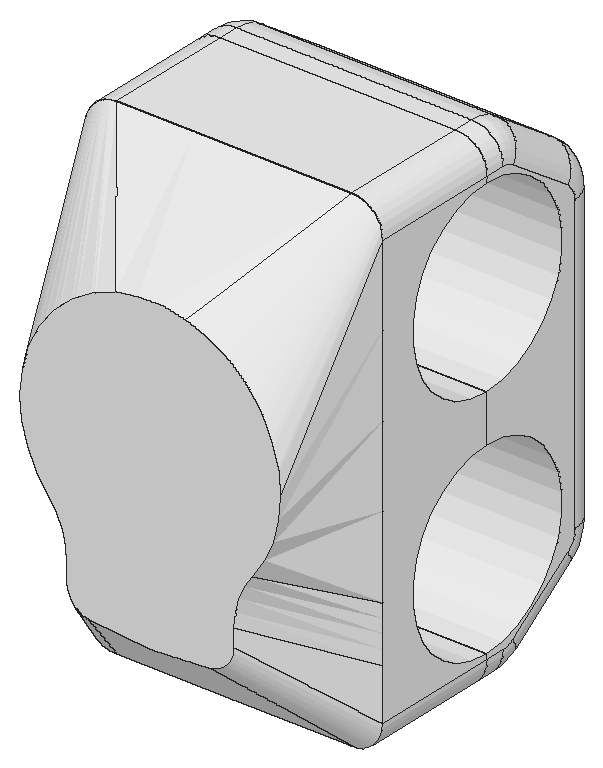
Revit family "PRD_AR_MxrTps_SingleClampingBridge_ACXM1003 2", category Specialty Equipment, Revit 2023
Family settings
  Round Connector Dimension = Use Diameter
  Part Type = Normal
  OmniClass Number = 23.45.55.11
  OmniClass Title = Sanitary Components
  Work Plane-Based = No
  Enable Cutting in Views = No
  Always vertical = Yes
  Cut with Voids When Loaded = No
  Maintain Annotation Orientation = No
  Shared = No
  Room Calculation Point = No
Parameters (values of type "ACXM1003")
  WarrantyStartDate [instance] = "1900-12-31T23:59:59"
  WarrantyGuarantorParts = "n/a"
  WarrantyGuarantorLabor = "n/a"
  WarrantyDurationUnit = "n/a"
  WarrantyDurationParts = "n/a"
  WarrantyDurationLabor = "n/a"
  WarrantyDescription = "n/a"
  Version = "1"
  Uniclass2015Version = "Products v1.38"
  Uniclass2015Title = "Mixer taps"
  Uniclass2015Code = "Pr_40_20_87_55"
  URL = "www.kwc-professional.com"
  Type IFC Predefined Type = "BRACKET"
  TagNumber [instance] = "n/a"
  SustainabilityPerformance = "n/a"
  Status = "New"
  Size = "n/a"
  Shape = "n/a"
  SerialNumber [instance] = "n/a"
  Revision = "n/a"
  ReplacementCost = "n/a"
  Reference = "n/a"
  QuantityUOM = "piece"
  Quantity = "1"
  ProductInformation = "http://pim.kwc.com/product/2030058826/attachment/datasheet?locale=en"
  NominalWidth = 57 mm
  NominalHeight = 95 mm
  NominalDepth = 72 mm
  Name = "Single clamping bridge ACXM1003"
  NBSTypeID = "n/a"
  NBSReference = "45-35-70/345"
  NBSOfficeMasterTag = "n/a"
  NBSNote = "n/a"
  NBSDescription = "Taps and water supply fittings for wash basins and troughs"
  NBSCertification = "n/a"
  ModelReference = "ACXM1003"
  ModelNumber = "2030058826"
  Model = ModelReference  # "ACXM1003"
  Material = "chrome-plated brass"
  ManufacturerURL = "www.kwc-professional.com"
  ManufacturerName = "KWC Group Management AG"  # constant formula
  Manufacturer = ManufacturerName  # "KWC Group Management AG"
  IsInsulated = no
  IsExternal = no
  InstallationDate [instance] = "1900-12-31T23:59:59"
  IfcExportType = "BRACKET"
  IfcExportAs = "IfcDiscreteAccessory"
  Grade = "n/a"
  Finish = "polished"
  Features = "For washbasin mixers with water connections positioned above one another."
  Export Type to IFC As = "IfcDiscreteAccessoryType"
  ExpectedLife = "n/a"
  DurationUnit = "n/a"
  Description = "Single clamping bridge for washbasin mixers with water connections positioned above one another, for installation on distribution lines positioned above one another, diameter 45 mm."
  Default Elevation = 0 mm
  CreatedOn = "11/2025"  # constant formula
  Constituents = "n/a"
  Color = "n/a"
  CodePerformance = "n/a"
  Category = "PR_40_20_87_55, Mixer taps"
  BodyMaterial = PRD_AR_ChromatedBrass_HighPolished
  BarCode [instance] = "n/a"
  BIMObjectName = "PRD_AR_MixerTaps_SingleClampingBridge_ACXM1003"
  Author = "Archispace"  # constant formula
  AssetType = "Fixed"
  AssetIdentifier [instance] = "n/a"
  AccessibilityPerformance = "n/a"
Reference planes
  plane 1 "Center (Front/Back)": y = 0
  plane 2: z = 0
  plane 3 "Center (Left/Right)": x = 0
Dimensions and locks
  aligned and locked: level to plane 2
Nested families
  nested 1: "ACXM1003" at (0, 0, 0), type "ACXM1003"
Definition of nested family "ACXM1003"
  Parameters (values of type "ACXM1003")
    Width = 57 mm
    Height = 95 mm
    BodyMaterial = none
    Default Elevation = 0 mm
  Reference planes
    plane 1 "Center (Front/Back)": y = 0
    plane 2: z = 0
    plane 3 "Center (Left/Right)": x = 0
    plane 4: x = -28.5
    plane 5: x = 28.5
    plane 6: z = -47.5
    plane 7: z = 47.5
    plane 8: y = 27
    plane 9: y = -45
  Forms (mm)
    SweptBlend 1, solid, material <- "BodyMaterial", detail levels medium+fine
      path origin (0, 0, 0) x (0, 1, 0) y (0, 0, 1)
        loop
          line (-25, 0) -> (-45, 0)
      profile origin (0, -25, 0) x (0, 0, -1) y (1, 0, 0)
        loop
          arc (47.5, 22.5) -> (45.743, 26.743) -> (41.5, 28.5) r 6
          line (41.5, 28.5) -> (31.5, 28.5) -> (20.75, 28.5) -> (-41.5, 28.5)
          arc (-41.5, 28.5) -> (-45.743, 26.743) -> (-47.5, 22.5) r 6
          line (-47.5, 22.5) -> (-47.5, -22.5)
          arc (-47.5, -22.5) -> (-45.743, -26.743) -> (-41.5, -28.5) r 6
          line (-41.5, -28.5) -> (20.75, -28.5) -> (31.5, -28.5) -> (41.5, -28.5)
          arc (41.5, -28.5) -> (45.743, -26.743) -> (47.5, -22.5) r 6
          line (47.5, -22.5) -> (47.5, 22.5)
      end profile origin (0, -45, 0) x (0, 0, -1) y (1, 0, 0)
        loop
          arc (29.094, -11.786) -> (30.026, 0) -> (29.094, 11.786) r 75
          arc (29.094, 11.786) -> (27.402, 14.803) -> (24.156, 16) r 5
          line (24.156, 16) -> (20.658, 16)
          arc (20.658, 16) -> (15.357, 16.904) -> (10.655, 19.512) r 16
          arc (10.655, 19.512) -> (3.308, 23.588) -> (-4.974, 25) r 25
          arc (-4.974, 25) -> (-20.099, 19.906) -> (-29.06, 6.698) r 25
          arc (-29.06, 6.698) -> (-29.974, 0) -> (-29.06, -6.698) r 25
          arc (-29.06, -6.698) -> (-20.099, -19.906) -> (-4.974, -25) r 25
          arc (-4.974, -25) -> (3.308, -23.588) -> (10.655, -19.512) r 25
          arc (10.655, -19.512) -> (15.357, -16.904) -> (20.658, -16) r 16
          line (20.658, -16) -> (24.156, -16)
          arc (24.156, -16) -> (27.402, -14.803) -> (29.094, -11.786) r 5
    Extrusion 2, solid, material <- "BodyMaterial", detail levels medium+fine
      sketch origin (0, 0, 0) x (0, 1, 0) y (0, 0, 1)
        loop
          line (-25, 47.5) -> (-25, -47.5) -> (0, -47.5) -> (0, -40.5)
          arc (0, -40.5) -> (-18, -22.5) -> (0, -4.5) r 18
          line (0, -4.5) -> (0, 4.5)
          arc (0, 4.5) -> (-18, 22.5) -> (0, 40.5) r 18
          line (0, 40.5) -> (0, 47.5) -> (-25, 47.5)
      from 28.5 to -28.5
    Extrusion 3, solid, material <- "BodyMaterial", detail levels medium+fine
      sketch origin (0, 0, 0) x (0, 1, 0) y (0, 0, 1)
        loop
          line (0, 47.5) -> (0, 40.5)
          arc (0, 40.5) -> (18, 22.5) -> (0, 4.5) r 18
          line (0, 4.5) -> (0, -4.5)
          arc (0, -4.5) -> (18, -22.5) -> (0, -40.5) r 18
          line (0, -40.5) -> (0, -47.5) -> (3.853, -47.5)
          arc (3.853, -47.5) -> (6.86, -47.037) -> (9.589, -45.692) r 10
          line (9.589, -45.692) -> (22.736, -36.486)
          arc (22.736, -36.486) -> (25.87, -32.912) -> (27, -28.294) r 10
          line (27, -28.294) -> (27, 28.294)
          arc (27, 28.294) -> (25.87, 32.912) -> (22.736, 36.486) r 10
          line (22.736, 36.486) -> (9.589, 45.692)
          arc (9.589, 45.692) -> (6.86, 47.037) -> (3.853, 47.5) r 10
          line (3.853, 47.5) -> (0, 47.5)
      from 28.5 to -28.5
    Sweep 4, void
      path in 3D
        loop
          line (-28.5, -25, 47.5) -> (-28.5, 0, 47.5) -> (-28.5, 3.853, 47.5)
          arc (-28.5, 3.853, 47.5) -> (-28.5, 6.86, 47.037) -> (-28.5, 9.589, 45.692) r 10
          line (-28.5, 9.589, 45.692) -> (-28.5, 22.736, 36.486)
          arc (-28.5, 22.736, 36.486) -> (-28.5, 25.87, 32.912) -> (-28.5, 27, 28.294) r 10
          line (-28.5, 27, 28.294) -> (-28.5, 27, -28.294)
          arc (-28.5, 27, -28.294) -> (-28.5, 25.87, -32.912) -> (-28.5, 22.736, -36.486) r 10
          line (-28.5, 22.736, -36.486) -> (-28.5, 9.589, -45.692)
          arc (-28.5, 9.589, -45.692) -> (-28.5, 6.86, -47.037) -> (-28.5, 3.853, -47.5) r 10
          line (-28.5, 3.853, -47.5) -> (-28.5, 0, -47.5) -> (-28.5, -25, -47.5)
      profile origin (-28.5, -12.5, 47.5) x (-1, 0, 0) y (0, 0, 1)
        loop
          line (0, 0) -> (-6, 0)
          arc (-6, 0) -> (-1.757, -1.757) -> (0, -6) r 6
          line (0, -6) -> (0, 0)
    Sweep 5, void
      path in 3D
        loop
          line (28.5, -25, 47.5) -> (28.5, 0, 47.5) -> (28.5, 3.853, 47.5)
          arc (28.5, 3.853, 47.5) -> (28.5, 6.86, 47.037) -> (28.5, 9.589, 45.692) r 10
          line (28.5, 9.589, 45.692) -> (28.5, 22.736, 36.486)
          arc (28.5, 22.736, 36.486) -> (28.5, 25.87, 32.912) -> (28.5, 27, 28.294) r 10
          line (28.5, 27, 28.294) -> (28.5, 27, -28.294)
          arc (28.5, 27, -28.294) -> (28.5, 25.87, -32.912) -> (28.5, 22.736, -36.486) r 10
          line (28.5, 22.736, -36.486) -> (28.5, 9.589, -45.692)
          arc (28.5, 9.589, -45.692) -> (28.5, 6.86, -47.037) -> (28.5, 3.853, -47.5) r 10
          line (28.5, 3.853, -47.5) -> (28.5, 0, -47.5) -> (28.5, -25, -47.5)
      profile origin (28.5, -12.5, 47.5) x (-1, 0, 0) y (0, 0, 1)
        loop
          line (0, 0) -> (0, -6)
          arc (0, -6) -> (1.757, -1.757) -> (6, 0) r 6
          line (6, 0) -> (0, 0)
    Sweep 6, solid, material <- "BodyMaterial", detail levels medium+fine
      path origin (0, 0, 0) x (0, 1, 0) y (0, 0, 1)
        loop
          line (27, 0) -> (34.5, 0)
      profile origin (0, 30.75, 0) x (0, 0, 1) y (1, 0, 0)
        loop
          line (7.374, 4.257) -> (0, 8.515) -> (-7.374, 4.257) -> (-7.374, -4.257) -> (0, -8.515) -> (7.374, -4.257) -> (7.374, 4.257)
    Sweep 7, solid, material <- "BodyMaterial", detail levels medium+fine
      path origin (0, 0, 0) x (0, 1, 0) y (0, 0, 1)
        loop
          line (-7, 0) -> (-25, 0)
      profile origin (0, -16, 0) x (0, 0, -1) y (1, 0, 0)
        loop
          circle (-22.5, 0) r 12.5
        loop
          circle (22.5, 0) r 12.5
    Extrusion 8, void
      sketch origin (0, 0, 0) x (0, 1, 0) y (0, 0, 1)
        loop
          circle (-0.293, 22.501) r 14.251
        loop
          circle (-0.293, -22.501) r 14.251
      from 14 to -14
    Extrusion 9, solid, material <- "BodyMaterial", detail levels medium+fine
      sketch origin (0, 0, 0) x (1, 0, 0) y (0, 0, 1)
        loop
          circle (0, 22.5) r 6.5
        loop
          circle (0, -22.5) r 6.5
      from 19.239 to 7
    Extrusion 10, solid, material <- "BodyMaterial", detail levels coarse
      sketch origin (0, 0, 0) x (1, 0, 0) y (0, 0, 1)
        loop
          line (-28.5, 47.5) -> (-28.5, -47.5) -> (28.5, -47.5) -> (28.5, 47.5) -> (-28.5, 47.5)
      from 45 to -27
  Cuts and joins
    Sweep 4, Sweep 5 cuts Extrusion 3
    Sweep 4, Sweep 5 cuts Extrusion 2
    Extrusion 8 cuts Sweep 7
    joined: Extrusion 2, Sweep 7, Extrusion 9
  Lines and regions (mm)
    sketch lines
      curve 1: line (-28.5, -25, 47.5) -> (-28.5, 0, 47.5)
      curve 2: line (-28.5, 0, 47.5) -> (-28.5, 3.853, 47.5)
      curve 3: arc (-28.5, 9.589, 45.692) -> (-28.5, 6.86, 47.037) -> (-28.5, 3.853, 47.5) r 10
      curve 4: line (-28.5, 9.589, 45.692) -> (-28.5, 22.736, 36.486)
      curve 5: arc (-28.5, 27, 28.294) -> (-28.5, 25.87, 32.912) -> (-28.5, 22.736, 36.486) r 10
      curve 6: line (-28.5, 27, 28.294) -> (-28.5, 27, -28.294)
      curve 7: arc (-28.5, 22.736, -36.486) -> (-28.5, 25.87, -32.912) -> (-28.5, 27, -28.294) r 10
      curve 8: line (-28.5, 22.736, -36.486) -> (-28.5, 9.589, -45.692)
      curve 9: arc (-28.5, 3.853, -47.5) -> (-28.5, 6.86, -47.037) -> (-28.5, 9.589, -45.692) r 10
      curve 10: line (-28.5, 3.853, -47.5) -> (-28.5, 0, -47.5)
      curve 11: line (-28.5, 0, -47.5) -> (-28.5, -25, -47.5)
      curve 12: line (28.5, -25, 47.5) -> (28.5, 0, 47.5)
      curve 13: line (28.5, 0, 47.5) -> (28.5, 3.853, 47.5)
      curve 14: arc (28.5, 9.589, 45.692) -> (28.5, 6.86, 47.037) -> (28.5, 3.853, 47.5) r 10
      curve 15: line (28.5, 9.589, 45.692) -> (28.5, 22.736, 36.486)
      curve 16: arc (28.5, 27, 28.294) -> (28.5, 25.87, 32.912) -> (28.5, 22.736, 36.486) r 10
      curve 17: line (28.5, 27, 28.294) -> (28.5, 27, -28.294)
      curve 18: arc (28.5, 22.736, -36.486) -> (28.5, 25.87, -32.912) -> (28.5, 27, -28.294) r 10
      curve 19: line (28.5, 22.736, -36.486) -> (28.5, 9.589, -45.692)
      curve 20: arc (28.5, 3.853, -47.5) -> (28.5, 6.86, -47.037) -> (28.5, 9.589, -45.692) r 10
      curve 21: line (28.5, 3.853, -47.5) -> (28.5, 0, -47.5)
      curve 22: line (28.5, 0, -47.5) -> (28.5, -25, -47.5)
    model lines
      curve 23: line (0, -45, 8.474) -> (0, -45, -5.526)
      curve 24: line (-7, -45, 1.474) -> (7, -45, 1.474)
      curve 25: circle (0, -45, 1.474) r 7 normal (0, -1, 0)
      curve 26: circle (0, -45, 19.474) r 7.5 normal (0, -1, 0)
      curve 27: circle (0, -45, -16.526) r 7.5 normal (0, 1, 0)
  Dimensions and locks
    equal spacing: plane 5, plane 3 "Center (Left/Right)", plane 4
    "Width": plane 5 to plane 4
    equal spacing: plane 7, level, plane 6
    "Height": plane 7 to plane 6
    plane 8 to plane 9 = 72 mm
    aligned and locked: level to plane 2
    aligned and locked: plane 9 to SweptBlend 1 sketch curve
    aligned and locked: plane 7 to Extrusion 10 sketch curve
    aligned and locked: plane 4 to Extrusion 10 sketch curve
    aligned and locked: Extrusion 10 sketch curve to plane 6
    aligned and locked: Extrusion 10 sketch curve to plane 5
    aligned and locked: Extrusion 10 to plane 9
    aligned and locked: Extrusion 10 to plane 8
  Automatic sketch dimensions
    Sweep 5 sketch curve to profile plane = 0 mm  (x2)
    Sweep 5 sketch curve to profile plane = 6 mm
    plane 1 "Center (Front/Back)" to Extrusion 8 sketch curve = 0.293 mm  (x2)
    Extrusion 8 sketch curve to level = 22.501 mm
    level to Extrusion 8 sketch curve = 22.501 mm
    Extrusion 9 sketch curve to plane 3 "Center (Left/Right)" = 0 mm  (x2)
    Extrusion 9 sketch curve to level = 22.5 mm
    level to Extrusion 9 sketch curve = 22.5 mm
    SweptBlend 1 sketch curve to level = 0 mm
    plane 9 to SweptBlend 1 sketch curve = 20 mm
    SweptBlend 1 sketch curve to SweptBlend 1 sketch curve = 0 mm  (x21)
    SweptBlend 1 sketch curve to plane 3 "Center (Left/Right)" = 0 mm  (x2)
    profile plane to SweptBlend 1 sketch curve = 44.974 mm
    profile plane to SweptBlend 1 sketch curve = 4.974 mm
    SweptBlend 1 sketch curve to profile plane = 20.658 mm  (x2)
    SweptBlend 1 sketch curve to SweptBlend 1 sketch curve = 3.498 mm  (x2)
    SweptBlend 1 sketch curve to plane 3 "Center (Left/Right)" = 11 mm
    SweptBlend 1 sketch curve to SweptBlend 1 sketch curve = 5 mm  (x2)
    SweptBlend 1 sketch curve to SweptBlend 1 sketch curve = 16 mm  (x2)
    plane 3 "Center (Left/Right)" to SweptBlend 1 sketch curve = 11 mm
    plane 3 "Center (Left/Right)" to SweptBlend 1 sketch curve = 6.698 mm
    SweptBlend 1 sketch curve to SweptBlend 1 sketch curve = 15.914 mm
    SweptBlend 1 sketch curve to plane 3 "Center (Left/Right)" = 6.698 mm
    profile plane to SweptBlend 1 sketch curve = 47.5 mm
    SweptBlend 1 sketch curve to SweptBlend 1 sketch curve = 6 mm  (x3)
    SweptBlend 1 sketch curve to profile plane = 20.75 mm  (x2)
    SweptBlend 1 sketch curve to SweptBlend 1 sketch curve = 10.75 mm  (x2)
    SweptBlend 1 sketch curve to SweptBlend 1 sketch curve = 10 mm  (x2)
    SweptBlend 1 sketch curve to plane 3 "Center (Left/Right)" = 28.5 mm
    plane 3 "Center (Left/Right)" to SweptBlend 1 sketch curve = 22.5 mm
    plane 7 to Extrusion 2 sketch curve = 0 mm
    plane 6 to Extrusion 2 sketch curve = 0 mm
    Extrusion 2 sketch curve to plane 1 "Center (Front/Back)" = 0 mm
    plane 9 to Extrusion 2 sketch curve = 20 mm
    Extrusion 2 sketch curve to plane 6 = 7 mm
    Extrusion 2 sketch curve to Extrusion 2 sketch curve = 18 mm  (x2)
    level to Extrusion 2 sketch curve = 4.5 mm
    Extrusion 3 sketch curve to plane 1 "Center (Front/Back)" = 0 mm
    plane 6 to Extrusion 3 sketch curve = 0 mm
    plane 7 to Extrusion 3 sketch curve = 0 mm
    Extrusion 3 sketch curve to plane 8 = 0 mm
    Extrusion 3 sketch curve to plane 1 "Center (Front/Back)" = 3.853 mm  (x2)
    plane 7 to Extrusion 3 sketch curve = 1.808 mm
    Extrusion 3 sketch curve to Extrusion 3 sketch curve = 5.736 mm  (x2)
    Extrusion 3 sketch curve to plane 6 = 1.808 mm
    Extrusion 3 sketch curve to Extrusion 3 sketch curve = 10 mm  (x2)
    plane 8 to Extrusion 3 sketch curve = 4.264 mm  (x2)
    Extrusion 3 sketch curve to Extrusion 3 sketch curve = 3 mm
    Extrusion 3 sketch curve to plane 6 = 11.014 mm
    Extrusion 3 sketch curve to Extrusion 3 sketch curve = 15 mm  (x2)
    level to Extrusion 3 sketch curve = 4.5 mm
    plane 7 to Extrusion 3 sketch curve = 19.206 mm
    Sweep 4 sketch curve to profile plane = 0 mm  (x2)
    profile plane to Sweep 4 sketch curve = 6 mm
    Sweep 6 sketch curve to level = 0 mm
    Sweep 6 sketch curve to plane 8 = 0 mm
    Sweep 6 sketch curve to Sweep 6 sketch curve = 7.5 mm
    Sweep 6 sketch curve to profile plane = 0 mm  (x2)
    profile plane to Sweep 6 sketch curve = 7.374 mm
    Sweep 6 sketch curve to profile plane = 7.374 mm
    Sweep 6 sketch curve to plane 3 "Center (Left/Right)" = 8.515 mm
    Sweep 6 sketch curve to plane 3 "Center (Left/Right)" = 4.257 mm  (x2)
    plane 3 "Center (Left/Right)" to Sweep 6 sketch curve = 4.257 mm  (x2)
    Sweep 6 sketch curve to Sweep 6 sketch curve = 4.257 mm
    Sweep 7 sketch curve to level = 0 mm
    plane 9 to Sweep 7 sketch curve = 20 mm
    plane 1 "Center (Front/Back)" to Sweep 7 sketch curve = 7 mm
    Sweep 7 sketch curve to plane 3 "Center (Left/Right)" = 0 mm  (x2)
    profile plane to Sweep 7 sketch curve = 22.5 mm
    Sweep 7 sketch curve to profile plane = 22.5 mm
    curve 26 to plane 3 "Center (Left/Right)" = 0 mm
    curve 23 to plane 3 "Center (Left/Right)" = 0 mm
    curve 25 to plane 3 "Center (Left/Right)" = 0 mm
    curve 27 to plane 3 "Center (Left/Right)" = 0 mm
    level to curve 26 = 19.474 mm
    level to curve 25 = 1.474 mm
    curve 27 to level = 16.526 mm
    curve 23 to curve 25 = 7 mm
    level to curve 24 = 1.474 mm
    radius of Extrusion 8 sketch curve = 14.251 mm  (x2)
    radius of Extrusion 9 sketch curve = 6.5 mm  (x2)
    radius of Sweep 7 sketch curve = 12.5 mm  (x2)
    radius of curve 26 = 7.5 mm
    radius of curve 27 = 7.5 mm
